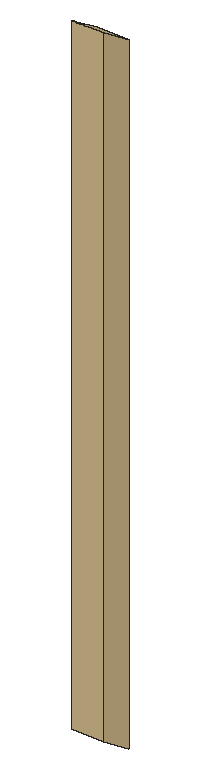
Revit family "Baluster - Square1", category Balusters, Revit 2019
Family settings
  Always vertical = Yes
  Cut with Voids When Loaded = No
  Shared = No
Parameters (values of type "1 1/2" 2")
  w1 = Width + 0' 2"  # 0' - 3 1/2"
  built-in parameter 1008623 [instance] = 32.47°
  built-in parameter 1008625 [instance] = (empty or 0)
  Post = no
  Width = 0' - 1 1/2"
  built-in parameter 1008624 [instance] = 32.47°
  Baluster Material = Wood - Dimensional Lumber
  built-in parameter 1008622 [instance] = 2' - 6"
Reference planes (in)
  plane 1 "Center (Front/Back)": y = 0
  plane 2: z = 0
  plane 3 "Center (Left/Right)": x = 0
  plane 4 "Top": z = 30
  plane 5 "Top Angle Cut": through (0, 13.58797, 21.35351) normal (0, -0.5369, -0.8437)
  plane 6: z = 39
  plane 7 "Bottom Angle Cut": through (0, 0, 0) normal (0, -0.5369, -0.8437)
  plane 8: y = 1.75
  plane 9: y = -1.75
  plane 10: x = -1.75
  plane 11: x = 1.75
  plane 12: z = -9
Forms (in)
  Extrusion 1, solid, material "Wood - Dimensional Lumber" <- "Baluster Material"
    sketch origin (0, 0, 0) x (1, 0, 0) y (0, 1, 0)
      loop
        line (-0.75, 0.75) -> (-0.75, -0.75) -> (0.75, -0.75) -> (0.75, 0.75) -> (-0.75, 0.75)
    from -9 to 39
  Extrusion 2, void
    sketch origin (0, 0, 0) x (0, 1, 0) y (0, 0, 1)
      loop
        line (-1.75, 39) -> (-1.75, 31.11359) -> (1.75, 28.88641) -> (1.75, 39) -> (-1.75, 39)
    from -1.75 to 1.75
  Extrusion 3, void
    sketch origin (0, 0, 0) x (0, 1, 0) y (0, 0, 1)
      loop
        line (1.75, -1.11359) -> (-1.75, 1.11359) -> (-1.75, -9) -> (1.75, -9) -> (1.75, -1.11359)
    from -1.75 to 1.75
Cuts and joins
  Extrusion 2, Extrusion 3 cuts Extrusion 1
Dimensions and locks (in)
  "built-in parameter 1008622": plane 2 to plane 4 "Top"
  locked: plane 4 "Top" to plane 6 at 9
  equal spacing: Extrusion 1 sketch curve, plane 3 "Center (Left/Right)", Extrusion 1 sketch curve
  equal spacing: Extrusion 1 sketch curve, plane 1 "Center (Front/Back)", Extrusion 1 sketch curve
  "Width": Extrusion 1 sketch curve to Extrusion 1 sketch curve  (x2)
  "w1": plane 10 to plane 11
  equal spacing: plane 10, plane 3 "Center (Left/Right)", plane 11
  equal spacing: plane 8, plane 1 "Center (Front/Back)", plane 9
  "w1": plane 8 to plane 9
  locked: plane 12 to level at 9
  "built-in parameter 1008623": angle plane 4 "Top" to plane 5 "Top Angle Cut"
  "built-in parameter 1008624": angle level to plane 7 "Bottom Angle Cut"
  aligned and locked: Extrusion 1 to plane 6
  aligned and locked: plane 10 to Extrusion 2
  aligned and locked: Extrusion 2 to plane 11
  aligned and locked: Extrusion 3 to Extrusion 2  (x2)
  aligned and locked: plane 12 to Extrusion 3 sketch curve
  aligned and locked: Extrusion 3 sketch curve to plane 9
  aligned and locked: plane 8 to Extrusion 3 sketch curve
  aligned and locked: Extrusion 3 to Extrusion 1
  aligned and locked: plane 6 to Extrusion 2 sketch curve
  aligned and locked: Extrusion 2 sketch curve to plane 8
  aligned and locked: Extrusion 2 sketch curve to plane 9
Automatic sketch dimensions
  Extrusion 3 sketch curve to plane 7 "Bottom Angle Cut" = 0' - 0"  (x2)
  Extrusion 2 sketch curve to plane 5 "Top Angle Cut" = 0' - 0"  (x2)
